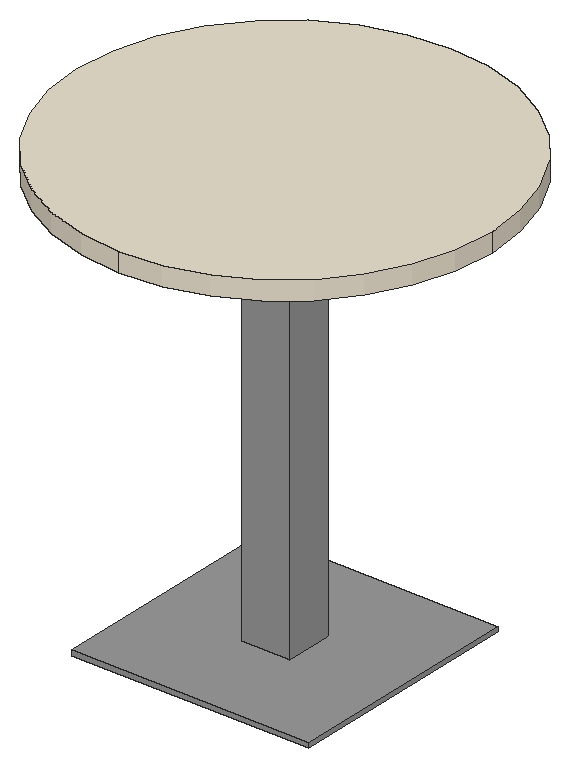
Revit family "FU_Table_Sandler_579Q-XT", category Furniture, Revit 2020
Family settings
  OmniClass Number = 23.40.20.00
  OmniClass Title = General Furniture and Specialties
  Work Plane-Based = No
  Always vertical = Yes
  Cut with Voids When Loaded = No
  Shared = No
  Room Calculation Point = No
Parameters (values of type "579Q XT 28" Round (70cm)")
  Width = 400 mm
  URL = "https://www.sandlerseating.com/product/art-579Q-xt/"
  Top Size = FU_TableTops_MT Rnd : 28" Round (70cm)
  Top Elevation = Height  # 720 mm
  Top Finish [instance] = Wood - Beech - Grey Stained
  Model = "579Q XT"
  Manufacturer = "Sandler"
  Height = 720 mm
  Frame Finish [instance] = Metal - Steel - Matt-Satin
  Description = "Table base in stainless steel."
  Depth = Width  # 400 mm
  Default Elevation = 0 mm
Types (5, lengths in mm): name | Top Size
  (no name) | FU_TableTops_MT Rnd : 28" Round (70cm)
  579Q XT 24" Square (60cm) | FU_TableTops_MT Sqr : 24" Square (60cm)
  579Q XT 28" Square (70cm) | FU_TableTops_MT Sqr : 28" Square (70cm)
  579Q XT 24" Round (60cm) | FU_TableTops_MT Rnd : 24" Round (60cm)
  579Q XT 28" Round (70cm) | FU_TableTops_MT Rnd : 28" Round (70cm)
Reference planes
  plane 1 "Center (Front/Back)": y = 0
  plane 2: z = 0
  plane 3 "Center (Left/Right)": x = 0
  plane 4 "Right": x = -200
  plane 5 "Left": x = 200
  plane 6 "Back": y = 200
  plane 7 "Front": y = -200
  plane 8 "Height": z = 720
  plane 9 "Top Support": z = 700
  plane 10 "Glide Height": z = 6
  plane 11 "Base height": z = 14
  plane 12 "R Pad C": x = -184
  plane 13 "B Pad C": y = 184
  plane 14 "L Pad C": x = 184
  plane 15 "F Pad C": y = -184
Forms (mm)
  Extrusion 1, solid, material "Metal - Steel - Matt-Satin" <- "Frame Finish"
    sketch origin (0, 0, 6) x (-1, 0, 0) y (0, -1, 0)
      loop
        line (200, -200) -> (200, 200) -> (-200, 200) -> (-200, -200) -> (200, -200)
    from 0 to 8
  Revolve 2, solid, material "Rubber, Black"
    sketch origin (0, 0, 0) x (1, 0, 0) y (0, 0, 1)
      loop
        line (-184, 0) -> (-184, 6) -> (-192, 6) -> (-192, 2)
        arc (-192, 2) -> (-191.414, 0.586) -> (-190, 0) r 2
        line (-190, 0) -> (-184, 0)
      axis (-184, 6) -> (-184, 0)
    angle from 0 to 360
  Revolve 3, solid, material "Rubber, Black"
    sketch origin (0, 0, 0) x (-1, 0, 0) y (0, 0, 1)
      loop
        line (-184, 0) -> (-184, 6) -> (-192, 6) -> (-192, 2)
        arc (-192, 2) -> (-191.414, 0.586) -> (-190, 0) r 2
        line (-190, 0) -> (-184, 0)
      axis (-184, 6) -> (-184, 0)
    angle from 0 to 360
  Revolve 4, solid, material "Rubber, Black"
    sketch origin (0, 0, 0) x (0, 1, 0) y (0, 0, 1)
      loop
        line (-184, 6) -> (-192, 6) -> (-192, 2)
        arc (-192, 2) -> (-191.414, 0.586) -> (-190, 0) r 2
        line (-190, 0) -> (-184, 0) -> (-184, 6)
      axis (-184, 6) -> (-184, 0)
    angle from 0 to 360
  Revolve 5, solid, material "Rubber, Black"
    sketch origin (0, 0, 0) x (0, -1, 0) y (0, 0, 1)
      loop
        line (-184, 6) -> (-192, 6) -> (-192, 2)
        arc (-192, 2) -> (-191.414, 0.586) -> (-190, 0) r 2
        line (-190, 0) -> (-184, 0) -> (-184, 6)
      axis (-184, 6) -> (-184, 0)
    angle from 0 to 360
  Extrusion 6, solid, material "Metal - Steel - Matt-Satin" <- "Frame Finish"
    sketch origin (0, 0, 6) x (-1, 0, 0) y (0, -1, 0)
      loop
        line (40, -40) -> (40, 40) -> (-40, 40) -> (-40, -40) -> (40, -40)
    from 0 to 694
Dimensions and locks
  equal spacing: plane 4 "Right", plane 3 "Center (Left/Right)", plane 5 "Left"
  "Width": plane 4 "Right" to plane 5 "Left"
  equal spacing: plane 6 "Back", plane 1 "Center (Front/Back)", plane 7 "Front"
  "Depth": plane 6 "Back" to plane 7 "Front"
  "Height": plane 8 "Height" to level
  locked: plane 8 "Height" to plane 9 "Top Support" at 20
  locked: plane 4 "Right" to plane 12 "R Pad C" at 16
  plane 14 "L Pad C" to plane 5 "Left" = 16 mm
  locked: plane 6 "Back" to plane 13 "B Pad C" at 16
  locked: plane 15 "F Pad C" to plane 7 "Front" at 16
  aligned and locked: level to plane 2
  aligned and locked: plane 11 "Base height" to Extrusion 1
  aligned and locked: Extrusion 1 to plane 11 "Base height"  (x3)
  aligned and locked: plane 8 "Height" to nested 1
  aligned and locked: Extrusion 6 to plane 10 "Glide Height"
  aligned and locked: plane 9 "Top Support" to Extrusion 6
  aligned and locked: Extrusion 1 sketch curve to plane 6 "Back"
  aligned and locked: Extrusion 1 sketch curve to plane 4 "Right"
  aligned and locked: plane 7 "Front" to Extrusion 1 sketch curve
  aligned and locked: plane 5 "Left" to Extrusion 1 sketch curve
Automatic sketch dimensions
  Revolve 2 sketch curve to plane 10 "Glide Height" = 0 mm
  Revolve 2 sketch curve to level = 0 mm
  plane 12 "R Pad C" to Revolve 2 sketch curve = 0 mm  (x2)
  Revolve 2 sketch curve to Revolve 2 sketch curve = 6 mm
  Revolve 2 sketch curve to Revolve 2 sketch curve = 2 mm
  Revolve 2 sketch curve to level = 10.049 mm
  Revolve 2 sketch curve to plane 11 "Base height" = 2.095 mm
  Revolve 3 sketch curve to plane 10 "Glide Height" = 0 mm
  Revolve 3 sketch curve to level = 0 mm
  Revolve 3 sketch curve to plane 14 "L Pad C" = 0 mm  (x2)
  Revolve 3 sketch curve to Revolve 3 sketch curve = 6 mm
  Revolve 3 sketch curve to Revolve 3 sketch curve = 2 mm
  level to Revolve 3 sketch curve = 10.049 mm
  plane 11 "Base height" to Revolve 3 sketch curve = 2.095 mm
  Revolve 4 sketch curve to plane 10 "Glide Height" = 0 mm
  Revolve 4 sketch curve to level = 0 mm
  Revolve 4 sketch curve to plane 15 "F Pad C" = 0 mm  (x2)
  level to Revolve 4 sketch curve = 2 mm
  plane 15 "F Pad C" to Revolve 4 sketch curve = 6 mm
  Revolve 4 sketch curve to level = 5.787 mm
  Revolve 4 sketch curve to plane 11 "Base height" = 1.201 mm
  Revolve 5 sketch curve to plane 10 "Glide Height" = 0 mm
  Revolve 5 sketch curve to level = 0 mm
  Revolve 5 sketch curve to plane 13 "B Pad C" = 0 mm  (x2)
  Revolve 5 sketch curve to level = 2 mm
  Revolve 5 sketch curve to plane 13 "B Pad C" = 6 mm
  Revolve 5 sketch curve to Revolve 5 sketch curve = 5.787 mm
  plane 11 "Base height" to Revolve 5 sketch curve = 1.201 mm
  plane 1 "Center (Front/Back)" to Extrusion 6 sketch curve = 40 mm
  Extrusion 6 sketch curve to plane 3 "Center (Left/Right)" = 40 mm
  Extrusion 6 sketch curve to plane 1 "Center (Front/Back)" = 40 mm
  plane 3 "Center (Left/Right)" to Extrusion 6 sketch curve = 40 mm
Nested families
  nested 1: "MT Top Support" at (0, 0, 0), Frame Finish <- "Frame Finish", type "MT Top Support"
    with Frame Finish Metal - Steel - Matt-Satin
  nested 2: "FU_TableTops_MT Rnd" at (0, 0, 0), type <- "Top Size", Top Elevation <- "Top Elevation", Top Finish <- "Top Finish", type "28" Round (70cm)"
    with Top Finish Wood - Beech - Grey Stained, Top Elevation 720 mm
Definition of nested family "MT Top Support"
  Parameters (values of type "MT Top Support")
    Frame Finish [instance] = none
    Default Elevation = 0 mm
  Reference planes
    plane 1 "Center (Front/Back)": y = 0
    plane 2: z = 0
    plane 3 "Center (Left/Right)": x = 0
    plane 4 "Right": x = -210
    plane 5 "Left": x = 210
    plane 6 "Back": y = 210
    plane 7 "Front": y = -210
    plane 8 "Height": z = 720
    plane 9: z = 700
  Forms (mm)
    Extrusion 1, solid, material <- "Frame Finish"
      sketch origin (0, 0, 700) x (-1, 0, 0) y (0, -1, 0)
        loop
          line (48, 44.024) -> (119.736, 115.76)
          arc (119.736, 115.76) -> (116.918, 118.6) -> (114.032, 121.37) r 166.741
          line (114.032, 121.37) -> (40.38, 47.718) -> (-40.38, 47.718) -> (-114.032, 121.37)
          arc (-114.032, 121.37) -> (-116.918, 118.6) -> (-119.736, 115.76) r 166.741
          line (-119.736, 115.76) -> (-48, 44.024) -> (-48, -44.024) -> (-120.014, -116.038)
          arc (-120.014, -116.038) -> (-117.202, -118.884) -> (-114.323, -121.661) r 166.741
          line (-114.323, -121.661) -> (-40.944, -48.282) -> (40.944, -48.282) -> (114.323, -121.661)
          arc (114.323, -121.661) -> (117.202, -118.884) -> (120.014, -116.038) r 166.741
          line (120.014, -116.038) -> (48, -44.024) -> (48, 44.024)
      from 0 to 15
    Extrusion 2, solid, material <- "Frame Finish"
      sketch origin (0, 0, 720) x (-1, 0, 0) y (0, -1, 0)
        loop
          arc (48, 9.198) -> (50.194, 20.46) -> (56.455, 30.074) r 30
          line (56.455, 30.074) -> (155.027, 131.809)
          arc (155.027, 131.809) -> (157.282, 137.439) -> (154.939, 143.033) r 8
          line (154.939, 143.033) -> (142.122, 155.85)
          arc (142.122, 155.85) -> (136.465, 158.193) -> (130.808, 155.85) r 8
          line (130.808, 155.85) -> (32.027, 57.069)
          arc (32.027, 57.069) -> (22.294, 50.566) -> (10.814, 48.282) r 30
          line (10.814, 48.282) -> (-10.814, 48.282)
          arc (-10.814, 48.282) -> (-22.294, 50.566) -> (-32.027, 57.069) r 30
          line (-32.027, 57.069) -> (-130.808, 155.85)
          arc (-130.808, 155.85) -> (-136.465, 158.193) -> (-142.122, 155.85) r 8
          line (-142.122, 155.85) -> (-154.939, 143.033)
          arc (-154.939, 143.033) -> (-157.282, 137.439) -> (-155.027, 131.809) r 8
          line (-155.027, 131.809) -> (-56.455, 30.074)
          arc (-56.455, 30.074) -> (-50.194, 20.46) -> (-48, 9.198) r 30
          line (-48, 9.198) -> (-48, -9.198)
          arc (-48, -9.198) -> (-50.194, -20.46) -> (-56.455, -30.074) r 30
          line (-56.455, -30.074) -> (-155.027, -131.809)
          arc (-155.027, -131.809) -> (-157.282, -137.439) -> (-154.939, -143.033) r 8
          line (-154.939, -143.033) -> (-142.122, -155.85)
          arc (-142.122, -155.85) -> (-136.465, -158.193) -> (-130.808, -155.85) r 8
          line (-130.808, -155.85) -> (-32.027, -57.069)
          arc (-32.027, -57.069) -> (-22.294, -50.566) -> (-10.814, -48.282) r 30
          line (-10.814, -48.282) -> (10.814, -48.282)
          arc (10.814, -48.282) -> (22.294, -50.566) -> (32.027, -57.069) r 30
          line (32.027, -57.069) -> (130.808, -155.85)
          arc (130.808, -155.85) -> (136.465, -158.193) -> (142.122, -155.85) r 8
          line (142.122, -155.85) -> (154.939, -143.033)
          arc (154.939, -143.033) -> (157.282, -137.439) -> (155.027, -131.809) r 8
          line (155.027, -131.809) -> (56.455, -30.074)
          arc (56.455, -30.074) -> (50.194, -20.46) -> (48, -9.198) r 30
          line (48, -9.198) -> (48, 9.198)
        loop
          line (-134.399, -141.055) -> (-124.502, -131.158)
          arc (-124.502, -131.158) -> (-124.502, -125.502) -> (-130.158, -125.502) r 3.999
          line (-130.158, -125.502) -> (-140.055, -135.399)
          arc (-140.055, -135.399) -> (-140, -141.001) -> (-134.399, -141.055) r 4
        loop
          arc (134.399, -141.055) -> (140, -141.001) -> (140.055, -135.399) r 4
          line (140.055, -135.399) -> (130.158, -125.502)
          arc (130.158, -125.502) -> (124.502, -125.502) -> (124.502, -131.158) r 3.999
          line (124.502, -131.158) -> (134.399, -141.055)
        loop
          arc (-134.399, 141.055) -> (-140, 141.001) -> (-140.055, 135.399) r 4
          line (-140.055, 135.399) -> (-130.158, 125.502)
          arc (-130.158, 125.502) -> (-124.502, 125.502) -> (-124.502, 131.158) r 3.999
          line (-124.502, 131.158) -> (-134.399, 141.055)
        loop
          line (134.399, 141.055) -> (124.502, 131.158)
          arc (124.502, 131.158) -> (124.502, 125.502) -> (130.158, 125.502) r 3.999
          line (130.158, 125.502) -> (140.055, 135.399)
          arc (140.055, 135.399) -> (140, 141.001) -> (134.399, 141.055) r 4
        loop
          circle (0, 0) r 7.5
      from -10 to 0
  Dimensions and locks
    equal spacing: plane 4 "Right", plane 3 "Center (Left/Right)", plane 5 "Left"
    plane 4 "Right" to plane 5 "Left" = 420 mm
    equal spacing: plane 6 "Back", plane 1 "Center (Front/Back)", plane 7 "Front"
    plane 6 "Back" to plane 7 "Front" = 420 mm
    plane 8 "Height" to level = 720 mm
    locked: plane 8 "Height" to plane 9 at 20
    aligned and locked: level to plane 2
  Automatic sketch dimensions
    plane 1 "Center (Front/Back)" to Extrusion 2 sketch curve = 0 mm
    Extrusion 2 sketch curve to plane 3 "Center (Left/Right)" = 0 mm
    plane 3 "Center (Left/Right)" to Extrusion 2 sketch curve = 10.814 mm  (x2)
    Extrusion 2 sketch curve to Extrusion 2 sketch curve = 21.213 mm  (x4)
    plane 1 "Center (Front/Back)" to Extrusion 2 sketch curve = 9.198 mm  (x2)
    plane 3 "Center (Left/Right)" to Extrusion 2 sketch curve = 48 mm
    Extrusion 2 sketch curve to plane 1 "Center (Front/Back)" = 30.074 mm  (x2)
    Extrusion 2 sketch curve to Extrusion 2 sketch curve = 8.455 mm  (x4)
    plane 1 "Center (Front/Back)" to Extrusion 2 sketch curve = 30.074 mm  (x2)
    Extrusion 2 sketch curve to plane 1 "Center (Front/Back)" = 9.198 mm  (x2)
    plane 5 "Left" to Extrusion 2 sketch curve = 85.498 mm  (x2)
    Extrusion 2 sketch curve to Extrusion 2 sketch curve = 2.828 mm  (x12)
    Extrusion 2 sketch curve to Extrusion 2 sketch curve = 6.306 mm  (x4)
    Extrusion 2 sketch curve to Extrusion 2 sketch curve = 9.897 mm  (x8)
    Extrusion 2 sketch curve to Extrusion 2 sketch curve = 5.657 mm  (x16)
    Extrusion 2 sketch curve to Extrusion 2 sketch curve = 2.773 mm  (x8)
    Extrusion 2 sketch curve to Extrusion 2 sketch curve = 2.883 mm  (x4)
    Extrusion 2 sketch curve to Extrusion 2 sketch curve = 9.227 mm  (x4)
    Extrusion 2 sketch curve to Extrusion 2 sketch curve = 5.745 mm  (x4)
    Extrusion 2 sketch curve to plane 3 "Center (Left/Right)" = 10.814 mm  (x2)
    Extrusion 2 sketch curve to plane 3 "Center (Left/Right)" = 48 mm
    Extrusion 2 sketch curve to plane 1 "Center (Front/Back)" = 48.282 mm
    Extrusion 2 sketch curve to Extrusion 2 sketch curve = 8.787 mm  (x4)
    Extrusion 2 sketch curve to plane 6 "Back" = 84.498 mm  (x2)
    Extrusion 2 sketch curve to Extrusion 2 sketch curve = 6.307 mm  (x4)
    Extrusion 2 sketch curve to Extrusion 2 sketch curve = 5.567 mm  (x4)
    Extrusion 2 sketch curve to Extrusion 2 sketch curve = 9.138 mm  (x4)
    plane 1 "Center (Front/Back)" to Extrusion 2 sketch curve = 48.282 mm
    plane 7 "Front" to Extrusion 2 sketch curve = 84.498 mm  (x2)
    Extrusion 1 sketch curve to Extrusion 1 sketch curve = 0 mm  (x12)
    Extrusion 1 sketch curve to plane 3 "Center (Left/Right)" = 0 mm
    plane 3 "Center (Left/Right)" to Extrusion 1 sketch curve = 40.38 mm
    plane 3 "Center (Left/Right)" to Extrusion 1 sketch curve = 40.944 mm
    Extrusion 1 sketch curve to Extrusion 1 sketch curve = 7.056 mm  (x2)
    plane 5 "Left" to Extrusion 1 sketch curve = 95.968 mm
    plane 5 "Left" to Extrusion 1 sketch curve = 95.677 mm
    Extrusion 1 sketch curve to Extrusion 1 sketch curve = 5.704 mm  (x2)
    Extrusion 1 sketch curve to Extrusion 1 sketch curve = 5.691 mm  (x2)
    Extrusion 1 sketch curve to plane 3 "Center (Left/Right)" = 40.38 mm
    Extrusion 1 sketch curve to plane 3 "Center (Left/Right)" = 40.944 mm
    Extrusion 1 sketch curve to plane 6 "Back" = 88.339 mm  (x2)
    Extrusion 1 sketch curve to Extrusion 1 sketch curve = 5.623 mm
    Extrusion 1 sketch curve to plane 1 "Center (Front/Back)" = 48.282 mm
    Extrusion 1 sketch curve to Extrusion 1 sketch curve = 4.258 mm  (x2)
    plane 1 "Center (Front/Back)" to Extrusion 1 sketch curve = 44.024 mm  (x2)
    Extrusion 1 sketch curve to Extrusion 1 sketch curve = 3.693 mm
    plane 7 "Front" to Extrusion 1 sketch curve = 94.24 mm  (x2)
    Extrusion 1 sketch curve to plane 4 "Right" = 95.968 mm
    Extrusion 1 sketch curve to plane 4 "Right" = 95.677 mm
    Extrusion 2 sketch curve to plane 4 "Right" = 85.498 mm  (x2)
    radius of Extrusion 2 sketch curve = 7.5 mm
Definition of nested family "FU_TableTops_MT Rnd"
  Parameters (values of type "59" Round (150cm)")
    Width = 1500 mm
    Top Finish [instance] = none
    Top Elevation [instance] = 1100 mm
    Depth = Width  # 1500 mm
    Default Elevation = 0 mm
  Types (10, lengths in mm): name | Width | Depth
    24" Round (60cm) | 600 | 600
    28" Round (70cm) | 700 | 700
    32" Round (80cm) | 800 | 800
    36" Round (90cm) | 900 | 900
    40" Round (100cm) | 1000 | 1000
    44" Round (110cm) | 1100 | 1100
    47" Round (120cm) | 1200 | 1200
    51" Round (130cm) | 1300 | 1300
    55" Round (140cm) | 1400 | 1400
    59" Round (150cm) | 1500 | 1500
  Reference planes
    plane 1 "Center (Front/Back)": y = 0
    plane 2: z = 0
    plane 3 "Center (Left/Right)": x = 0
    plane 4 "Right": x = -750
    plane 5 "Left": x = 750
    plane 6 "Back": y = 750
    plane 7 "Front": y = -750
    plane 8 "Elevation": z = 1100
    plane 9 "Top Height": z = 1131.75
  Forms (mm)
    Extrusion 1, solid, material <- "Top Finish"
      sketch origin (0, 0, 1100) x (-1, 0, 0) y (0, -1, 0)
        loop
          arc (0, -750) -> (530.33, -530.33) -> (750, 0) r 750
          arc (750, 0) -> (530.33, 530.33) -> (0, 750) r 750
          arc (0, 750) -> (-530.33, 530.33) -> (-750, 0) r 750
          arc (-750, 0) -> (-530.33, -530.33) -> (0, -750) r 750
      from 0 to 31.75
  Dimensions and locks
    equal spacing: plane 4 "Right", plane 3 "Center (Left/Right)", plane 5 "Left"
    "Width": plane 4 "Right" to plane 5 "Left"
    equal spacing: plane 6 "Back", plane 1 "Center (Front/Back)", plane 7 "Front"
    "Depth": plane 6 "Back" to plane 7 "Front"
    "Top Elevation": plane 8 "Elevation" to level
    locked: plane 9 "Top Height" to plane 8 "Elevation" at 31.75
    aligned and locked: level to plane 2
    aligned and locked: plane 9 "Top Height" to Extrusion 1
  Automatic sketch dimensions
    Extrusion 1 sketch curve to Extrusion 1 sketch curve = 0 mm  (x7)
    plane 1 "Center (Front/Back)" to Extrusion 1 sketch curve = 0 mm  (x2)
    Extrusion 1 sketch curve to plane 5 "Left" = 0 mm
    Extrusion 1 sketch curve to plane 3 "Center (Left/Right)" = 0 mm  (x3)
    Extrusion 1 sketch curve to plane 6 "Back" = 0 mm
